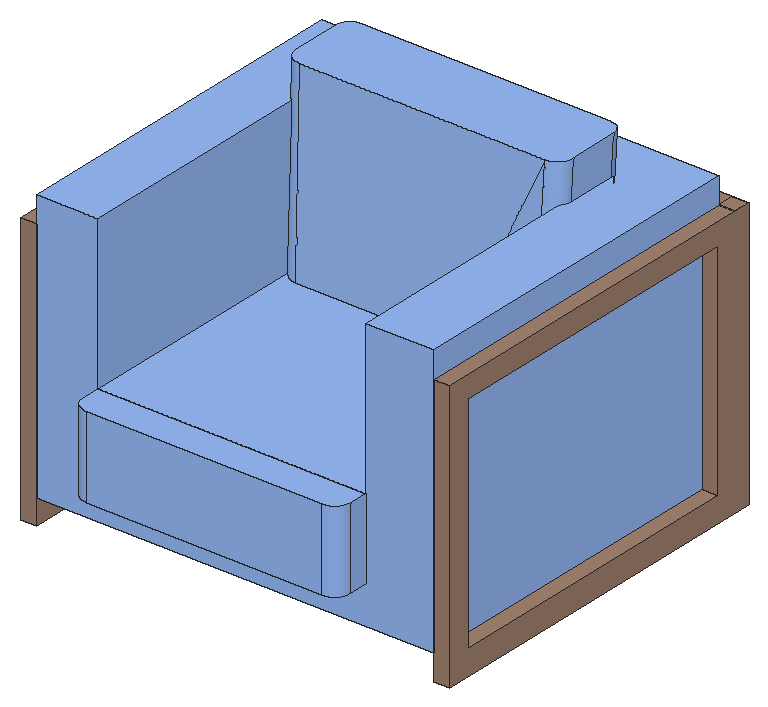
Revit family "sofa_seat_chair_15052", category Мебель, Revit 2017
Family settings
  Номер OmniClass = 23.40.20.00
  Заголовок OmniClass = General Furniture and Specialties
  На основе рабочей плоскости = Нет
  Всегда вертикально = Да
  При загрузке вырезать с полостями = Нет
  Общий = Нет
  Точка расчета площади = Нет
Reference planes
  plane 1 "Center (Front/Back)": y = 0
  plane 2: z = 0
  plane 3 "Center (Left/Right)": x = 0
Forms (mm)
  Extrusion 1, solid, material "Canvas - Blue Stripe(1)"
    sketch origin (113.725, -1.775, 0) x (0, -1, 0) y (1, 0, 0)
      loop
        arc (-364.874, 234.901) -> (-393.158, 223.185) -> (-404.874, 194.901) r 40
        line (-404.874, 194.901) -> (-404.874, -385.099)
        arc (-404.874, -385.099) -> (-393.158, -413.383) -> (-364.874, -425.099) r 40
        line (-364.874, -425.099) -> (375.126, -425.099)
        arc (375.126, -425.099) -> (403.411, -413.383) -> (415.126, -385.099) r 40
        line (415.126, -385.099) -> (415.126, 194.901)
        arc (415.126, 194.901) -> (403.411, 223.185) -> (375.126, 234.901) r 40
        line (375.126, 234.901) -> (-364.874, 234.901)
    from 0 to 200
  Blend 2, solid, material "Canvas - Blue Stripe(1)"
    base sketch origin (0, 15, 0) x (1, 0, 0) y (0, 1, 0)
      loop
        arc (-270.811, 405.658) -> (-299.096, 393.943) -> (-310.811, 365.658) r 40
        line (-310.811, 365.658) -> (-310.811, 245.397)
        arc (-310.811, 245.397) -> (-299.096, 217.113) -> (-270.811, 205.397) r 40
        line (-270.811, 205.397) -> (29.189, 205.397) -> (309.189, 205.397)
        arc (309.189, 205.397) -> (337.473, 217.113) -> (349.189, 245.397) r 40
        line (349.189, 245.397) -> (349.189, 365.658)
        arc (349.189, 365.658) -> (337.473, 393.943) -> (309.189, 405.658) r 40
        line (309.189, 405.658) -> (29.189, 405.658) -> (-270.811, 405.658)
    top sketch origin (0, 15, 0) x (1, 0, 0) y (0, 1, 0)
      loop
        arc (-289.666, 441.267) -> (-315.771, 430.454) -> (-326.584, 404.349) r 36.918
        line (-326.584, 404.349) -> (-326.584, 285.398)
        arc (-326.584, 285.398) -> (-314.561, 256.372) -> (-285.535, 244.349) r 41.049
        line (-285.535, 244.349) -> (318.626, 244.349)
        arc (318.626, 244.349) -> (346.91, 256.064) -> (358.626, 284.349) r 40
        line (358.626, 284.349) -> (358.626, 408.695)
        arc (358.626, 408.695) -> (346.485, 431.947) -> (321.965, 441.267) r 36.918
        line (321.965, 441.267) -> (-289.666, 441.267)
    from 0 to 668.731
  Extrusion 3, solid, material "Canvas - Blue Stripe(1)"
    sketch origin (0, 0, 0) x (1, 0, 0) y (0, 1, 0)
      loop
        line (-463.597, 548.859) -> (-463.597, -331.141) -> (516.403, -331.141) -> (516.403, 548.859) -> (-463.597, 548.859)
    from -94.269 to 575.863
  Extrusion 4, void
    sketch origin (0, 0, 0) x (1, 0, 0) y (0, 1, 0)
      loop
        line (-311.374, -925.553) -> (348.626, -925.553) -> (348.626, 393.859)
        arc (348.626, 393.859) -> (338.391, 423.824) -> (311.965, 441.267) r 48.982
        line (311.965, 441.267) -> (-274.666, 441.267)
        arc (-274.666, 441.267) -> (-300.623, 430.515) -> (-311.374, 404.559) r 36.708
        line (-311.374, 404.559) -> (-311.374, -925.553)
    from 200 to 1013.52
  Extrusion 5, solid, material "Wood (Oak)"
    sketch origin (0, 0, 0) x (1, 0, 0) y (0, 1, 0)
      loop
        line (516.403, 590.397) -> (516.403, -331.141) -> (556.403, -331.141) -> (556.403, 590.397) -> (516.403, 590.397)
    from -156.66 to 511.349
  Extrusion 6, void
    sketch origin (0, 0, 0) x (1, 0, 0) y (0, 1, 0)
      loop
        line (516.403, 496.048) -> (516.403, -276.043) -> (556.403, -276.043) -> (556.403, 496.048) -> (516.403, 496.048)
    from -94.269 to 457.371
  Extrusion 7, solid, material "Wood (Oak)"
    sketch origin (-1020, 0, 0) x (1, 0, 0) y (0, 1, 0)
      loop
        line (516.403, 590.397) -> (516.403, -331.141) -> (556.403, -331.141) -> (556.403, 590.397) -> (516.403, 590.397)
    from -156.66 to 511.349
  Extrusion 8, void
    sketch origin (-1020, 0, 0) x (1, 0, 0) y (0, 1, 0)
      loop
        line (516.403, 496.048) -> (516.403, -276.043) -> (556.403, -276.043) -> (556.403, 496.048) -> (516.403, 496.048)
    from -94.269 to 457.371
  Extrusion 9, solid, material "Wood (Oak)"
    sketch origin (-587.785, 41.538, 0) x (1, 0, 0) y (0, 1, 0)
      loop
        line (84.188, 548.859) -> (84.188, 506.682) -> (1144.188, 506.682) -> (1144.188, 548.859) -> (84.188, 548.859)
    from -156.66 to 511.349
  Extrusion 10, void
    sketch origin (0, 0, 0) x (1, 0, 0) y (0, 1, 0)
      loop
        line (-458.851, 644.055) -> (-458.851, 523.593) -> (516.403, 523.593) -> (516.403, 644.055) -> (-458.851, 644.055)
    from -94.269 to 457.371
  Extrusion 11, solid, material "Wood (Oak)"
    sketch origin (0, -47.618, -156.66) x (1, 0, 0) y (0, 1, 0)
      loop
        line (-463.597, 184.839) -> (-463.597, 129.628) -> (516.403, 129.628) -> (516.403, 184.839) -> (-463.597, 184.839)
    from 0 to 57.409
Cuts and joins
  Extrusion 4 cuts Extrusion 1
  Extrusion 4, Extrusion 6, Extrusion 8, Extrusion 10 cuts Extrusion 3
  Extrusion 6, Extrusion 8, Extrusion 10 cuts Extrusion 5
  Extrusion 8 cuts Extrusion 7
  Extrusion 10 cuts Extrusion 9
Dimensions and locks
  aligned and locked: level to plane 2
